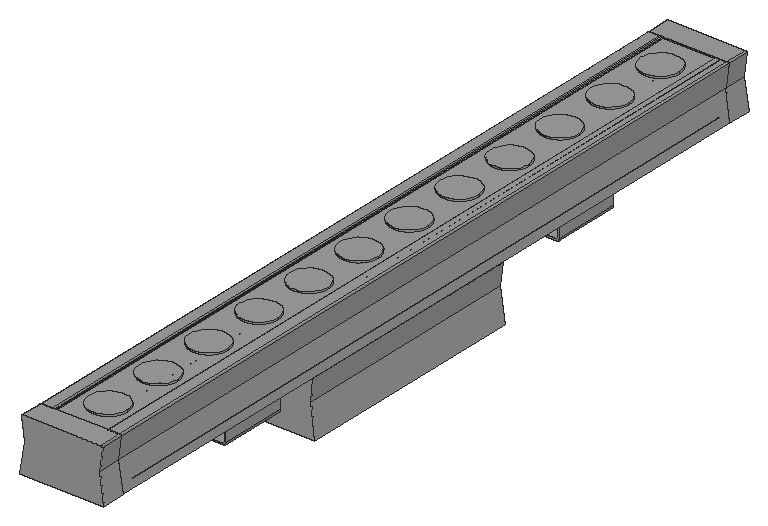
Revit family "SH-1395-40CM", category Lighting Fixtures, Revit 2017
Family settings
  Round Connector Dimension = Use Diameter
  Part Type = Normal
  OmniClass Number = 23.80.70.00
  OmniClass Title = Lighting
  Work Plane-Based = Yes
  Always vertical = No
  Cut with Voids When Loaded = No
  Light Source = No
  Shared = Yes
  Room Calculation Point = No
Parameters (values of type "Sh-1395-12W-40cm(anodized aluminum color-6000K-LED)")
  wattage = 12 W
  instalation = ""
  consumption current = 0.06 A
  color temperature = "6000K"
  color rendering index(CRI) = ""
  Width = 4.2414 cm
  Website = "www.shoaco.com"
  Voltage/Frequency = "230V/50HZ"
  URL = "https://www.shoaco.com/fa/product/%D9%BE%D8%B1%D9%88%DA%98%DA%A9%D8%AA%D9%88%D8%B1-%D9%87%D8%A7/532-%D9%88%D8%A7%D9%84-%D9%88%D8%A7%D8%B4%D8%B1-sh-1395-12LED.html"
  Type medule = "SMD"
  Protection Class = "Class I"
  Model = "SH-1395-40cm"
  Manufacturer = "SHOA"
  Luminaire Vertical Angle [instance] = 0.00°
  Length = 42.3944 cm
  Lamp = "LED"
  IP = "IP65"
  Height = 7.2291 cm
  Flicker = ""
  Default Elevation = 121.92 cm
  Body color = Anodize color
  Body Material = "Aluminum"
  6000K = yes
  3000K = no
  2000K = no
Types (4, lengths in cm): name | color temperature | 6000K | 3000K | 2000K
  (no name) | "6000K" | yes | no | no
  Sh-1395-12W-40cm(anodized aluminum color-3000K-LED) | "3000K" | no | yes | no
  Sh-1395-12W-40cm(anodized aluminum color-2000K-LED) | "2000K" | no | no | yes
  Sh-1395-12W-40cm(anodized aluminum color-6000K-LED) | "6000K" | yes | no | no
Reference planes (cm)
  plane 1 "Light Source Axis (F/B)": y = 0
  plane 2: z = 0
  plane 3 "Light Source Axis (L/R)": x = 0
  plane 4 "Light Source Elevation": z = 137.16
  plane 5: x = 2.972
  plane 6: x = -1.2694
  plane 7: z = 7.2291
Forms (cm)
  Extrusion 1, solid, not visible
    sketch origin (58.7935, 36.7249, 0) x (1, 0, 0) y (0, 1, 0)
      loop
        line (31.2065, 29.2751) -> (-148.7935, 29.2751) -> (-148.7935, -100.7249) -> (31.2065, -100.7249) -> (31.2065, 29.2751)
    from -8 to 0
Dimensions and locks (cm)
  "Width": plane 6 to plane 5
  "Length": nested 2 to nested 2
  "Height": plane 7 to Extrusion 1
  aligned and locked: level to plane 2
  aligned and locked: level to Extrusion 1
Automatic sketch dimensions
  Extrusion 1 sketch curve to plane 3 "Light Source Axis (L/R)" = 90.0 cm
  plane 3 "Light Source Axis (L/R)" to Extrusion 1 sketch curve = 90.0 cm
  plane 1 "Light Source Axis (F/B)" to Extrusion 1 sketch curve = 64.0 cm
  Extrusion 1 sketch curve to plane 1 "Light Source Axis (F/B)" = 66.0 cm
Nested families (cm)
  nested 1: "1395-12w.ies" at (0.582, 28.087, 8.2523) x (0, 0, -1) z (0, 1, 0), visible <- "2000K", type "1395-12w-2000K"
  nested 2: "1395-12w" at (0.8438, 30, 3.4063) x (-1, 0, 0) z (0, 0, 1), Body color <- "Body color", Luminaire Vertical Angle <- "Luminaire Vertical Angle", type "1395-12w"
    with Luminaire Vertical Angle 0.00°, Body color Anodize color
  nested 3: "1395-12w.ies" at (0.582, 24.938, 8.1961) x (0, 0, -1) z (0, 1, 0), visible <- "2000K", type "1395-12w-2000K"
  nested 4: "1395-12w.ies" at (0.582, -8.1503, 8.1965) x (0, 0, -1) z (0, 1, 0), visible <- "2000K", type "1395-12w-2000K"
  nested 5: "1395-12w.ies" at (0.582, -4.9282, 8.2072) x (0, 0, -1) z (0, 1, 0), visible <- "2000K", type "1395-12w-2000K"
  nested 6: "1395-12w.ies" at (0.582, -1.5688, 8.2227) x (0, 0, -1) z (0, 1, 0), visible <- "2000K", type "1395-12w-2000K"
  nested 7: "1395-12w.ies" at (0.582, 1.599, 8.2057) x (0, 0, -1) z (0, 1, 0), visible <- "2000K", type "1395-12w-2000K"
  nested 8: "1395-12w.ies" at (0.582, 4.9584, 8.216) x (0, 0, -1) z (0, 1, 0), visible <- "2000K", type "1395-12w-2000K"
  nested 9: "1395-12w.ies" at (0.582, 8.3377, 8.2104) x (0, 0, -1) z (0, 1, 0), visible <- "2000K", type "1395-12w-2000K"
  nested 10: "1395-12w.ies" at (0.582, 11.5881, 8.2101) x (0, 0, -1) z (0, 1, 0), visible <- "2000K", type "1395-12w-2000K"
  nested 11: "1395-12w.ies" at (0.582, 14.8544, 8.2274) x (0, 0, -1) z (0, 1, 0), visible <- "2000K", type "1395-12w-2000K"
  nested 12: "1395-12w.ies" at (0.582, 18.2075, 8.2314) x (0, 0, -1) z (0, 1, 0), visible <- "2000K", type "1395-12w-2000K"
  nested 13: "1395-12w.ies" at (0.582, 21.534, 8.2531) x (0, 0, -1) z (0, 1, 0), visible <- "2000K", type "1395-12w-2000K"
  nested 14: "1395-12w.ies" at (0.5766, 28.0554, 8.2101) x (0, 0, -1) z (0, 1, 0), visible <- "3000K", type "1395-12w-3000K"
  nested 15: "1395-12w.ies" at (0.5766, 24.9065, 8.1538) x (0, 0, -1) z (0, 1, 0), visible <- "3000K", type "1395-12w-3000K"
  nested 16: "1395-12w.ies" at (0.5766, -8.1818, 8.1543) x (0, 0, -1) z (0, 1, 0), visible <- "3000K", type "1395-12w-3000K"
  nested 17: "1395-12w.ies" at (0.5766, -4.9597, 8.165) x (0, 0, -1) z (0, 1, 0), visible <- "3000K", type "1395-12w-3000K"
  nested 18: "1395-12w.ies" at (0.5766, -1.6003, 8.1805) x (0, 0, -1) z (0, 1, 0), visible <- "3000K", type "1395-12w-3000K"
  nested 19: "1395-12w.ies" at (0.5766, 1.5675, 8.1635) x (0, 0, -1) z (0, 1, 0), visible <- "3000K", type "1395-12w-3000K"
  nested 20: "1395-12w.ies" at (0.5766, 4.9269, 8.1737) x (0, 0, -1) z (0, 1, 0), visible <- "3000K", type "1395-12w-3000K"
  nested 21: "1395-12w.ies" at (0.5766, 8.3062, 8.1682) x (0, 0, -1) z (0, 1, 0), visible <- "3000K", type "1395-12w-3000K"
  nested 22: "1395-12w.ies" at (0.5766, 11.5566, 8.1679) x (0, 0, -1) z (0, 1, 0), visible <- "3000K", type "1395-12w-3000K"
  nested 23: "1395-12w.ies" at (0.5766, 14.8229, 8.1852) x (0, 0, -1) z (0, 1, 0), visible <- "3000K", type "1395-12w-3000K"
  nested 24: "1395-12w.ies" at (0.5766, 18.176, 8.1892) x (0, 0, -1) z (0, 1, 0), visible <- "3000K", type "1395-12w-3000K"
  nested 25: "1395-12w.ies" at (0.5766, 21.5024, 8.2108) x (0, 0, -1) z (0, 1, 0), visible <- "3000K", type "1395-12w-3000K"
  nested 26: "1395-12w.ies" at (0.6035, 28.0017, 8.3671) x (0, 0, -1) z (0, 1, 0), visible <- "6000K", type "1395-12w-6000K"
  nested 27: "1395-12w.ies" at (0.6035, 24.8528, 8.3109) x (0, 0, -1) z (0, 1, 0), visible <- "6000K", type "1395-12w-6000K"
  nested 28: "1395-12w.ies" at (0.6035, -8.2355, 8.3113) x (0, 0, -1) z (0, 1, 0), visible <- "6000K", type "1395-12w-6000K"
  nested 29: "1395-12w.ies" at (0.6035, -5.0134, 8.322) x (0, 0, -1) z (0, 1, 0), visible <- "6000K", type "1395-12w-6000K"
  nested 30: "1395-12w.ies" at (0.6035, -1.654, 8.3375) x (0, 0, -1) z (0, 1, 0), visible <- "6000K", type "1395-12w-6000K"
  nested 31: "1395-12w.ies" at (0.6035, 1.5138, 8.3205) x (0, 0, -1) z (0, 1, 0), visible <- "6000K", type "1395-12w-6000K"
  nested 32: "1395-12w.ies" at (0.6035, 4.8732, 8.3307) x (0, 0, -1) z (0, 1, 0), visible <- "6000K", type "1395-12w-6000K"
  nested 33: "1395-12w.ies" at (0.6035, 8.2525, 8.3252) x (0, 0, -1) z (0, 1, 0), visible <- "6000K", type "1395-12w-6000K"
  nested 34: "1395-12w.ies" at (0.6035, 11.5029, 8.3249) x (0, 0, -1) z (0, 1, 0), visible <- "6000K", type "1395-12w-6000K"
  nested 35: "1395-12w.ies" at (0.6035, 14.7692, 8.3422) x (0, 0, -1) z (0, 1, 0), visible <- "6000K", type "1395-12w-6000K"
  nested 36: "1395-12w.ies" at (0.6035, 18.1223, 8.3462) x (0, 0, -1) z (0, 1, 0), visible <- "6000K", type "1395-12w-6000K"
  nested 37: "1395-12w.ies" at (0.6035, 21.4488, 8.3678) x (0, 0, -1) z (0, 1, 0), visible <- "6000K", type "1395-12w-6000K"
Connectors (cm)
  electrical at (0.83, 8.9077, 1.3116)
    settings: on nested 2, index 1, voltage 230 V, apparent load 0 VA, apparent load phase1 0 VA, apparent load phase2 0 VA, apparent load phase3 0 VA, power factor 1, load classification "Other", number of poles 1, system type 31, power factor state 1, is connector primary yes, connector utility no, sub classification motor no, connector description ""
Definition of nested family "1395-12w"
  Parameters (values of type "Family1")
    Luminaire Vertical Angle [instance] = 0.00°
    Default Elevation = 121.92 cm
    Body color [instance] = none
  Reference planes (cm)
    plane 1 "Center (Front/Back)": y = 0
    plane 2: z = 0
    plane 3 "Center (Left/Right)": x = 0
  Forms (cm)
    Extrusion 1, solid, material <- "Body color"
      sketch origin (-0.0204, 0, 13.3841) x (0, 0, -1) y (1, 0, 0)
        loop
          line (12.4765, 1.9962) -> (12.4765, 2.2323) -> (10.9107, 2.0099) -> (9.7437, 2.1595)
          arc (9.7437, 2.1595) -> (9.6858, 2.1418) -> (9.6609, 2.0866) r 0.0735
          line (9.6609, 2.0866) -> (9.6609, 1.513)
          arc (9.6609, 1.513) -> (9.6764, 1.4756) -> (9.7139, 1.46) r 0.053
          line (9.7139, 1.46) -> (9.8113, 1.46)
          arc (9.8113, 1.46) -> (9.8539, 1.4777) -> (9.8715, 1.5203) r 0.0603
          line (9.8715, 1.5203) -> (9.8715, 1.607) -> (9.7725, 1.6689) -> (9.7868, 1.7588) -> (10.1865, 1.7588) -> (10.5087, 1.7588)
          arc (10.5087, 1.7588) -> (10.5461, 1.7433) -> (10.5615, 1.706) r 0.0528
          line (10.5615, 1.706) -> (10.5615, 1.5388) -> (10.4215, 1.5388) -> (10.4215, 1.4088) -> (11.7815, 1.4088) -> (11.7815, 1.5388) -> (11.9814, 1.5388)
          arc (11.9814, 1.5388) -> (12.0168, 1.5241) -> (12.0315, 1.4887) r 0.0501
          line (12.0315, 1.4887) -> (12.0315, 0.0388) -> (12.0315, -1.4111)
          arc (12.0315, -1.4111) -> (12.0168, -1.4465) -> (11.9814, -1.4612) r 0.0501
          line (11.9814, -1.4612) -> (11.7815, -1.4612) -> (11.7815, -1.3312) -> (10.4215, -1.3312) -> (10.4215, -1.4612) -> (10.5615, -1.4612) -> (10.5615, -1.6284)
          arc (10.5615, -1.6284) -> (10.5461, -1.6657) -> (10.5087, -1.6812) r 0.0528
          line (10.5087, -1.6812) -> (10.1865, -1.6812) -> (9.7868, -1.6812) -> (9.7725, -1.5913) -> (9.8715, -1.5294) -> (9.8715, -1.4427)
          arc (9.8715, -1.4427) -> (9.8539, -1.4001) -> (9.8113, -1.3824) r 0.0603
          line (9.8113, -1.3824) -> (9.7139, -1.3824)
          arc (9.7139, -1.3824) -> (9.6764, -1.398) -> (9.6609, -1.4355) r 0.053
          line (9.6609, -1.4355) -> (9.6609, -2.009)
          arc (9.6609, -2.009) -> (9.6858, -2.0642) -> (9.7437, -2.0819) r 0.0735
          line (9.7437, -2.0819) -> (10.9107, -1.9323) -> (12.4765, -2.1547) -> (12.4765, -1.9186) -> (12.1715, -1.8753) -> (12.1715, -1.776)
          arc (12.1715, -1.776) -> (12.13, -1.7225) -> (12.0678, -1.7493) r 0.0553
          arc (12.0678, -1.7493) -> (11.9466, -1.8033) -> (11.8616, -1.7014) r 0.11
          arc (11.8616, -1.7014) -> (11.9306, -1.5941) -> (12.0546, -1.6241) r 0.11
          arc (12.0546, -1.6241) -> (12.1282, -1.6428) -> (12.1715, -1.5804) r 0.0666
          line (12.1715, -1.5804) -> (12.1715, -1.4395)
          arc (12.1715, -1.4395) -> (12.1886, -1.3983) -> (12.2298, -1.3812) r 0.0583
          line (12.2298, -1.3812) -> (12.319, -1.3812)
          arc (12.319, -1.3812) -> (12.3567, -1.3968) -> (12.3722, -1.4344) r 0.0532
          line (12.3722, -1.4344) -> (12.3722, -1.5588)
          arc (12.3722, -1.5588) -> (12.4233, -1.6099) -> (12.4744, -1.5588) r 0.0511
          line (12.4744, -1.5588) -> (12.4744, -1.2028)
          arc (12.4744, -1.2028) -> (12.4593, -1.1663) -> (12.4229, -1.1512) r 0.0516
          line (12.4229, -1.1512) -> (12.2115, -1.1512)
          arc (12.2115, -1.1512) -> (12.1515, -1.0912) -> (12.2115, -1.0312) r 0.06
          line (12.2115, -1.0312) -> (12.4303, -1.0312)
          arc (12.4303, -1.0312) -> (12.4753, -0.9862) -> (12.4303, -0.9412) r 0.045
          line (12.4303, -0.9412) -> (12.2115, -0.9412)
          arc (12.2115, -0.9412) -> (12.1515, -0.8812) -> (12.2115, -0.8212) r 0.06
          line (12.2115, -0.8212) -> (12.4381, -0.8212)
          arc (12.4381, -0.8212) -> (12.4831, -0.7762) -> (12.4381, -0.7312) r 0.045
          line (12.4381, -0.7312) -> (12.2115, -0.7312)
          arc (12.2115, -0.7312) -> (12.1515, -0.6712) -> (12.2115, -0.6112) r 0.06
          line (12.2115, -0.6112) -> (12.4303, -0.6112)
          arc (12.4303, -0.6112) -> (12.4753, -0.5662) -> (12.4303, -0.5212) r 0.045
          line (12.4303, -0.5212) -> (12.2115, -0.5212)
          arc (12.2115, -0.5212) -> (12.1515, -0.4612) -> (12.2115, -0.4012) r 0.06
          line (12.2115, -0.4012) -> (12.4217, -0.4012)
          arc (12.4217, -0.4012) -> (12.4585, -0.386) -> (12.4737, -0.3492) r 0.052
          line (12.4737, -0.3492) -> (12.4737, 0.0388) -> (12.4737, 0.4268)
          arc (12.4737, 0.4268) -> (12.4585, 0.4636) -> (12.4217, 0.4788) r 0.052
          line (12.4217, 0.4788) -> (12.2115, 0.4788)
          arc (12.2115, 0.4788) -> (12.1515, 0.5388) -> (12.2115, 0.5988) r 0.06
          line (12.2115, 0.5988) -> (12.4381, 0.5988)
          arc (12.4381, 0.5988) -> (12.4831, 0.6438) -> (12.4381, 0.6888) r 0.045
          line (12.4381, 0.6888) -> (12.2115, 0.6888)
          arc (12.2115, 0.6888) -> (12.1515, 0.7488) -> (12.2115, 0.8088) r 0.06
          line (12.2115, 0.8088) -> (12.4303, 0.8088)
          arc (12.4303, 0.8088) -> (12.4753, 0.8538) -> (12.4303, 0.8988) r 0.045
          line (12.4303, 0.8988) -> (12.2115, 0.8988)
          arc (12.2115, 0.8988) -> (12.1515, 0.9588) -> (12.2115, 1.0188) r 0.06
          line (12.2115, 1.0188) -> (12.4381, 1.0188)
          arc (12.4381, 1.0188) -> (12.4831, 1.0638) -> (12.4381, 1.1088) r 0.045
          line (12.4381, 1.1088) -> (12.2115, 1.1088)
          arc (12.2115, 1.1088) -> (12.1515, 1.1688) -> (12.2115, 1.2288) r 0.06
          line (12.2115, 1.2288) -> (12.4229, 1.2288)
          arc (12.4229, 1.2288) -> (12.4593, 1.2439) -> (12.4744, 1.2804) r 0.0516
          line (12.4744, 1.2804) -> (12.4744, 1.6364)
          arc (12.4744, 1.6364) -> (12.4233, 1.6875) -> (12.3722, 1.6364) r 0.0511
          line (12.3722, 1.6364) -> (12.3722, 1.512)
          arc (12.3722, 1.512) -> (12.3567, 1.4744) -> (12.319, 1.4588) r 0.0532
          line (12.319, 1.4588) -> (12.2298, 1.4588)
          arc (12.2298, 1.4588) -> (12.1886, 1.4759) -> (12.1715, 1.5171) r 0.0583
          line (12.1715, 1.5171) -> (12.1715, 1.658)
          arc (12.1715, 1.658) -> (12.1282, 1.7204) -> (12.0546, 1.7017) r 0.0666
          arc (12.0546, 1.7017) -> (11.9306, 1.6717) -> (11.8616, 1.779) r 0.11
          arc (11.8616, 1.779) -> (11.9466, 1.8809) -> (12.0678, 1.8269) r 0.11
          arc (12.0678, 1.8269) -> (12.13, 1.8001) -> (12.1715, 1.8536) r 0.0553
          line (12.1715, 1.8536) -> (12.1715, 1.9529) -> (12.4821, 1.997)
      from -39.9656 to 0
    Extrusion 2, solid, material <- "Body color"
      sketch origin (-0.0204, 0, 13.3841) x (0, 0, -1) y (1, 0, 0)
        loop
          line (10.4215, -1.4612) -> (10.4215, 1.5388) -> (10.3304, 1.5388) -> (10.3304, -1.4612) -> (10.4215, -1.4612)
      from 0 to -39.9656
    Extrusion 3, solid, material <- "Body color"
      sketch origin (-0.0204, 0, 13.3841) x (0, 0, -1) y (1, 0, 0)
        loop
          arc (9.7437, 2.1558) -> (9.6858, 2.138) -> (9.6609, 2.0828) r 0.0735
          line (9.6609, 2.0828) -> (9.6609, -2.0087)
          arc (9.6609, -2.0087) -> (9.6858, -2.0639) -> (9.7437, -2.0817) r 0.0735
          line (9.7437, -2.0817) -> (10.8963, -1.9339) -> (12.4833, -2.1593) -> (12.4833, 2.2277) -> (10.9173, 2.0053) -> (9.7437, 2.1558)
      from 0 to 1.2046
    Extrusion 4, solid, material <- "Body color"
      sketch origin (-0.0204, 0, 13.3841) x (0, 0, -1) y (1, 0, 0)
        loop
          line (9.6609, 2.0866) -> (9.6609, -2.009)
          arc (9.6609, -2.009) -> (9.6858, -2.0642) -> (9.7437, -2.0819) r 0.0735
          line (9.7437, -2.0819) -> (10.9107, -1.9323) -> (12.4833, -2.1557) -> (12.4833, 2.2333) -> (10.9107, 2.0099) -> (9.7437, 2.1595)
          arc (9.7437, 2.1595) -> (9.6858, 2.1418) -> (9.6609, 2.0866) r 0.0735
      from -41.1898 to -39.9656
    Extrusion 5, solid, material <- "Body color"
      sketch origin (-0.0204, 0, 13.3841) x (0, 0, -1) y (1, 0, 0)
        loop
          line (9.7139, 1.46) -> (9.7139, -1.3824) -> (9.8113, -1.3824) -> (9.8113, 1.46) -> (9.7139, 1.46)
      from 0 to -39.9656
    Extrusion 6, solid
      sketch origin (-2.0817, 30.2045, 3.7232) x (1, 0, 0) y (0, 1, 0)
        loop
          circle (2.0475, 8.0119) r 1
      from -0.3052 to 0.0069
    Extrusion 7, solid
      sketch origin (-2.0817, 26.9056, 3.7232) x (1, 0, 0) y (0, 1, 0)
        loop
          circle (2.0475, 8.0119) r 1
      from -0.3052 to 0.0069
    Extrusion 8, solid
      sketch origin (-2.0817, 23.6027, 3.7232) x (1, 0, 0) y (0, 1, 0)
        loop
          circle (2.0475, 8.0119) r 1
      from -0.3052 to 0.0069
    Extrusion 9, solid
      sketch origin (-2.0817, 20.3025, 3.7232) x (1, 0, 0) y (0, 1, 0)
        loop
          circle (2.0475, 8.0119) r 1
      from -0.3052 to 0.0069
    Extrusion 10, solid
      sketch origin (-2.0817, 17.0043, 3.7232) x (1, 0, 0) y (0, 1, 0)
        loop
          circle (2.0475, 8.0119) r 1
      from -0.3052 to 0.0069
    Extrusion 11, solid
      sketch origin (-2.0817, 13.7061, 3.7232) x (1, 0, 0) y (0, 1, 0)
        loop
          circle (2.0475, 8.0119) r 1
      from -0.3052 to 0.0069
    Extrusion 12, solid
      sketch origin (-2.0817, 10.4041, 3.7232) x (1, 0, 0) y (0, 1, 0)
        loop
          circle (2.0475, 8.0119) r 1
      from -0.3052 to 0.0069
    Extrusion 13, solid
      sketch origin (-2.0817, 7.1039, 3.7232) x (1, 0, 0) y (0, 1, 0)
        loop
          circle (2.0475, 8.0119) r 1
      from -0.3052 to 0.0069
    Extrusion 14, solid
      sketch origin (-2.0817, 3.8038, 3.7232) x (1, 0, 0) y (0, 1, 0)
        loop
          circle (2.0475, 8.0119) r 1
      from -0.3052 to 0.0069
    Extrusion 15, solid
      sketch origin (-2.0817, 0.5037, 3.7232) x (1, 0, 0) y (0, 1, 0)
        loop
          circle (2.0475, 8.0119) r 1
      from -0.3052 to 0.0069
    Extrusion 16, solid
      sketch origin (-2.0817, -2.7995, 3.7232) x (1, 0, 0) y (0, 1, 0)
        loop
          circle (2.0475, 8.0119) r 1
      from -0.3052 to 0.0069
    Extrusion 17, solid
      sketch origin (-2.0817, -6.1002, 3.7232) x (1, 0, 0) y (0, 1, 0)
        loop
          circle (2.0475, 8.0119) r 1
      from -0.3052 to 0.0069
    Extrusion 18, solid, material <- "Body color"
      sketch origin (0.0108, 0, 13.0403) x (0, 0, -1) y (1, 0, 0)
        loop
          line (11.9766, -1.5373) -> (11.8966, -1.5373) -> (11.8966, -1.7172)
          arc (11.8966, -1.7172) -> (11.9352, -1.8104) -> (12.0284, -1.849) r 0.1318
          line (12.0284, -1.849) -> (12.9924, -1.849)
          arc (12.9924, -1.849) -> (13.0854, -1.8105) -> (13.1239, -1.7175) r 0.1315
          line (13.1239, -1.7175) -> (13.1239, -0.2396)
          arc (13.1239, -0.2396) -> (13.2737, -0.1536) -> (13.3555, -0.0016) r 0.3148
          arc (13.3555, -0.0016) -> (13.2737, 0.1504) -> (13.1239, 0.2364) r 0.3148
          line (13.1239, 0.2364) -> (13.1239, 1.6752)
          arc (13.1239, 1.6752) -> (13.0854, 1.7682) -> (12.9924, 1.8067) r 0.1315
          line (12.9924, 1.8067) -> (12.0284, 1.8067)
          arc (12.0284, 1.8067) -> (11.9352, 1.7681) -> (11.8966, 1.6749) r 0.1318
          line (11.8966, 1.6749) -> (11.8966, 1.5373) -> (11.9766, 1.5373) -> (11.9766, 1.6749)
          arc (11.9766, 1.6749) -> (11.9918, 1.7115) -> (12.0284, 1.7267) r 0.0518
          line (12.0284, 1.7267) -> (12.9924, 1.7267)
          arc (12.9924, 1.7267) -> (13.0289, 1.7116) -> (13.0439, 1.6752) r 0.0515
          line (13.0439, 1.6752) -> (13.0439, 0.2207)
          arc (13.0439, 0.2207) -> (13.0577, 0.1823) -> (13.0928, 0.1614) r 0.0604
          arc (13.0928, 0.1614) -> (13.2056, 0.105) -> (13.2729, -0.0016) r 0.2348
          arc (13.2729, -0.0016) -> (13.2056, -0.1082) -> (13.0928, -0.1646) r 0.2348
          arc (13.0928, -0.1646) -> (13.0577, -0.1855) -> (13.0439, -0.2239) r 0.0604
          line (13.0439, -0.2239) -> (13.0439, -1.7175)
          arc (13.0439, -1.7175) -> (13.0289, -1.754) -> (12.9924, -1.769) r 0.0515
          line (12.9924, -1.769) -> (12.0284, -1.769)
          arc (12.0284, -1.769) -> (11.9918, -1.7539) -> (11.9766, -1.7172) r 0.0518
          line (11.9766, -1.7172) -> (11.9766, -1.5373)
      from -10.7884 to -7.2801
    Extrusion 19, solid, material <- "Body color"
      sketch origin (0.0108, 0, 13.0403) x (0, 0, -1) y (1, 0, 0)
        loop
          line (11.9766, -1.5373) -> (11.8966, -1.5373) -> (11.8966, -1.7172)
          arc (11.8966, -1.7172) -> (11.9352, -1.8104) -> (12.0284, -1.849) r 0.1318
          line (12.0284, -1.849) -> (12.9947, -1.849)
          arc (12.9947, -1.849) -> (13.0877, -1.8105) -> (13.1262, -1.7175) r 0.1315
          line (13.1262, -1.7175) -> (13.1262, -0.238)
          arc (13.1262, -0.238) -> (13.276, -0.152) -> (13.3578, 0) r 0.3148
          arc (13.3578, 0) -> (13.276, 0.152) -> (13.1262, 0.238) r 0.3148
          line (13.1262, 0.238) -> (13.1262, 1.6752)
          arc (13.1262, 1.6752) -> (13.0877, 1.7682) -> (12.9947, 1.8067) r 0.1315
          line (12.9947, 1.8067) -> (12.0284, 1.8067)
          arc (12.0284, 1.8067) -> (11.9352, 1.7681) -> (11.8966, 1.6749) r 0.1318
          line (11.8966, 1.6749) -> (11.8966, 1.5373) -> (11.9766, 1.5373) -> (11.9766, 1.6749)
          arc (11.9766, 1.6749) -> (11.9918, 1.7115) -> (12.0284, 1.7267) r 0.0518
          line (12.0284, 1.7267) -> (12.9947, 1.7267)
          arc (12.9947, 1.7267) -> (13.0312, 1.7116) -> (13.0462, 1.6752) r 0.0515
          line (13.0462, 1.6752) -> (13.0462, 0.2223)
          arc (13.0462, 0.2223) -> (13.06, 0.1839) -> (13.0951, 0.163) r 0.0604
          arc (13.0951, 0.163) -> (13.2079, 0.1066) -> (13.2752, 0) r 0.2348
          arc (13.2752, 0) -> (13.2079, -0.1066) -> (13.0951, -0.163) r 0.2348
          arc (13.0951, -0.163) -> (13.06, -0.1839) -> (13.0462, -0.2223) r 0.0604
          line (13.0462, -0.2223) -> (13.0462, -1.7175)
          arc (13.0462, -1.7175) -> (13.0312, -1.754) -> (12.9947, -1.769) r 0.0515
          line (12.9947, -1.769) -> (12.0284, -1.769)
          arc (12.0284, -1.769) -> (11.9918, -1.7539) -> (11.9766, -1.7172) r 0.0518
          line (11.9766, -1.7172) -> (11.9766, -1.5373)
      from -32.7269 to -29.1816
    Extrusion 20, solid, not visible
      sketch origin (0, 0, 0) x (1, 0, 0) y (0, 1, 0)
        loop
          line (50, 70.5415) -> (-50, 70.5415) -> (-50, -41.4585) -> (50, -41.4585) -> (50, 70.5415)
      from 0 to -7.867
    Extrusion 21, solid, material <- "Body color"
      sketch origin (0.0108, 0, 12.4153) x (0, 0, -1) y (1, 0, 0)
        loop
          line (11.5049, 2.0516) -> (11.5049, -2.04)
          arc (11.5049, -2.04) -> (11.5299, -2.0952) -> (11.5878, -2.1129) r 0.0735
          line (11.5878, -2.1129) -> (12.7404, -1.9651) -> (14.5099, -2.2165) -> (14.5099, 2.2224) -> (12.7614, 1.974) -> (11.5878, 2.1245)
          arc (11.5878, 2.1245) -> (11.5299, 2.1068) -> (11.5049, 2.0516) r 0.0735
      from -27.3194 to -14.8652
  Lines and regions (cm)
    reference lines
      curve 1: line (12.515, 0, 0) -> (0, 0, 0)
  Dimensions and locks (cm)
    Extrusion 19 to Extrusion 18 sketch curve = 1.4589 cm
    "Luminaire Vertical Angle": angle level to curve 1
    aligned and locked: plane 2 to level
    aligned and locked: plane 2 to curve 1
    aligned and locked: level to Extrusion 20
    aligned and locked: plane 2 to Extrusion 20
  Automatic sketch dimensions
    Extrusion 20 sketch curve to plane 3 "Center (Left/Right)" = 50.0 cm
    plane 3 "Center (Left/Right)" to Extrusion 20 sketch curve = 50.0 cm
    plane 1 "Center (Front/Back)" to Extrusion 20 sketch curve = 41.4585 cm
    Extrusion 20 sketch curve to plane 1 "Center (Front/Back)" = 70.5415 cm
    Extrusion 1 sketch curve to Extrusion 1 sketch curve = 0.0 cm  (x12)
    Extrusion 1 sketch curve to curve 1 = 3.7232 cm
    curve 1 to Extrusion 1 sketch curve = 3.7232 cm
    Extrusion 1 sketch curve to Extrusion 1 sketch curve = 0.053 cm  (x2)
    Extrusion 1 sketch curve to Extrusion 1 sketch curve = 0.0735 cm  (x2)
    Extrusion 1 sketch curve to Extrusion 1 sketch curve = 0.0093 cm  (x2)
    Extrusion 1 sketch curve to Extrusion 1 sketch curve = 0.0587 cm  (x2)
    Extrusion 1 sketch curve to Extrusion 1 sketch curve = 0.0142 cm  (x2)
    Extrusion 1 sketch curve to Extrusion 1 sketch curve = 0.0974 cm  (x2)
    Extrusion 1 sketch curve to Extrusion 1 sketch curve = 0.0603 cm  (x2)
    Extrusion 1 sketch curve to Extrusion 1 sketch curve = 0.315 cm  (x2)
    Extrusion 1 sketch curve to Extrusion 1 sketch curve = 0.235 cm  (x2)
    Extrusion 1 sketch curve to Extrusion 1 sketch curve = 0.0872 cm  (x2)
    Extrusion 1 sketch curve to Extrusion 1 sketch curve = 0.14 cm  (x2)
    Extrusion 1 sketch curve to Extrusion 1 sketch curve = 0.0528 cm
    Extrusion 1 sketch curve to Extrusion 1 sketch curve = 0.3492 cm  (x2)
    curve 1 to Extrusion 1 sketch curve = 1.6026 cm
    Extrusion 1 sketch curve to curve 1 = 1.6026 cm
    Extrusion 1 sketch curve to Extrusion 1 sketch curve = 0.19 cm  (x2)
    Extrusion 1 sketch curve to Extrusion 1 sketch curve = 0.1999 cm  (x2)
    Extrusion 1 sketch curve to Extrusion 1 sketch curve = 0.0501 cm
    Extrusion 1 sketch curve to Extrusion 1 sketch curve = 0.1235 cm  (x2)
    Extrusion 1 sketch curve to Extrusion 1 sketch curve = 0.1447 cm  (x2)
    Extrusion 1 sketch curve to Extrusion 1 sketch curve = 0.0666 cm
    Extrusion 1 sketch curve to Extrusion 1 sketch curve = 0.0553 cm  (x2)
    Extrusion 1 sketch curve to curve 1 = 1.1726 cm  (x2)
    Extrusion 1 sketch curve to Extrusion 1 sketch curve = 0.04 cm
    Extrusion 1 sketch curve to Extrusion 1 sketch curve = 0.0583 cm  (x2)
    Extrusion 1 sketch curve to Extrusion 1 sketch curve = 0.0892 cm  (x2)
    Extrusion 1 sketch curve to Extrusion 1 sketch curve = 0.0532 cm  (x2)
    curve 1 to Extrusion 1 sketch curve = 0.9624 cm  (x2)
    curve 1 to Extrusion 1 sketch curve = 0.9612 cm  (x2)
    Extrusion 1 sketch curve to Extrusion 1 sketch curve = 0.0511 cm  (x2)
    Extrusion 1 sketch curve to Extrusion 1 sketch curve = 0.0086 cm
    Extrusion 1 sketch curve to curve 1 = 0.9538 cm
    curve 1 to Extrusion 1 sketch curve = 0.9538 cm
    Extrusion 1 sketch curve to curve 1 = 0.946 cm
    Extrusion 1 sketch curve to Extrusion 1 sketch curve = 0.0078 cm
    curve 1 to Extrusion 1 sketch curve = 0.946 cm
    curve 1 to Extrusion 1 sketch curve = 0.9104 cm
    curve 1 to Extrusion 1 sketch curve = 0.9076 cm  (x2)
    Extrusion 1 sketch curve to curve 1 = 2.1751 cm
    Extrusion 1 sketch curve to curve 1 = 2.1023 cm
    Extrusion 1 sketch curve to curve 1 = 1.9527 cm
    Extrusion 1 sketch curve to Extrusion 1 sketch curve = 0.236 cm  (x2)
    Extrusion 1 sketch curve to Extrusion 1 sketch curve = 0.0433 cm
    Extrusion 1 sketch curve to Extrusion 1 sketch curve = 0.0993 cm  (x2)
    Extrusion 1 sketch curve to Extrusion 1 sketch curve = 0.0798 cm
    Extrusion 1 sketch curve to Extrusion 1 sketch curve = 0.3278 cm  (x2)
    Extrusion 1 sketch curve to Extrusion 1 sketch curve = 0.0899 cm
    Extrusion 1 sketch curve to Extrusion 1 sketch curve = 0.1956 cm
    Extrusion 1 sketch curve to Extrusion 1 sketch curve = 0.0216 cm
    Extrusion 1 sketch curve to Extrusion 1 sketch curve = 0.0618 cm  (x2)
    Extrusion 1 sketch curve to Extrusion 1 sketch curve = 0.1672 cm  (x2)
    Extrusion 1 sketch curve to Extrusion 1 sketch curve = 0.1192 cm
    Extrusion 1 sketch curve to Extrusion 1 sketch curve = 0.0867 cm  (x2)
    Extrusion 1 sketch curve to Extrusion 1 sketch curve = 0.1409 cm  (x2)
    Extrusion 1 sketch curve to Extrusion 1 sketch curve = 0.13 cm  (x2)
    Extrusion 1 sketch curve to Extrusion 1 sketch curve = 0.1784 cm  (x2)
    Extrusion 1 sketch curve to Extrusion 1 sketch curve = 0.06 cm  (x7)
    Extrusion 1 sketch curve to Extrusion 1 sketch curve = 0.045 cm  (x6)
    Extrusion 1 sketch curve to curve 1 = 0.9016 cm
    Extrusion 1 sketch curve to Extrusion 1 sketch curve = 0.388 cm  (x2)
    Extrusion 1 sketch curve to Extrusion 1 sketch curve = 0.18 cm
    Extrusion 1 sketch curve to Extrusion 1 sketch curve = 0.0512 cm
    Extrusion 1 sketch curve to Extrusion 1 sketch curve = 0.0284 cm
    Extrusion 1 sketch curve to Extrusion 1 sketch curve = 0.1244 cm
    Extrusion 1 sketch curve to Extrusion 1 sketch curve = 0.1158 cm
    Extrusion 1 sketch curve to Extrusion 1 sketch curve = 0.1519 cm
    Extrusion 1 sketch curve to Extrusion 1 sketch curve = 0.3039 cm
    Extrusion 1 sketch curve to Extrusion 1 sketch curve = 0.2794 cm
    Extrusion 1 sketch curve to Extrusion 1 sketch curve = 0.1099 cm  (x2)
    Extrusion 1 sketch curve to Extrusion 1 sketch curve = 0.0056 cm
    Extrusion 2 sketch curve to curve 1 = 3.0537 cm
    Extrusion 2 sketch curve to Extrusion 2 sketch curve = 0.0911 cm
    Extrusion 2 sketch curve to curve 1 = 1.4816 cm
    curve 1 to Extrusion 2 sketch curve = 1.5184 cm
    Extrusion 3 sketch curve to curve 1 = 3.7232 cm
    Extrusion 3 sketch curve to Extrusion 3 sketch curve = 0.0735 cm  (x2)
    Extrusion 3 sketch curve to Extrusion 3 sketch curve = 0.0093 cm  (x2)
    Extrusion 3 sketch curve to curve 1 = 2.4877 cm
    Extrusion 3 sketch curve to Extrusion 3 sketch curve = 1.1736 cm
    curve 1 to Extrusion 3 sketch curve = 0.9008 cm
    Extrusion 3 sketch curve to curve 1 = 2.1797 cm
    Extrusion 3 sketch curve to curve 1 = 2.1021 cm
    Extrusion 3 sketch curve to curve 1 = 1.9543 cm
    curve 1 to Extrusion 3 sketch curve = 1.9849 cm
    Extrusion 3 sketch curve to Extrusion 3 sketch curve = 0.0775 cm
    Extrusion 3 sketch curve to Extrusion 3 sketch curve = 0.2224 cm
    Extrusion 4 sketch curve to curve 1 = 3.7232 cm
    Extrusion 4 sketch curve to Extrusion 4 sketch curve = 0.0735 cm  (x2)
    Extrusion 4 sketch curve to Extrusion 4 sketch curve = 0.0093 cm  (x2)
    Extrusion 4 sketch curve to Extrusion 4 sketch curve = 1.1669 cm
    Extrusion 4 sketch curve to curve 1 = 2.4734 cm
    curve 1 to Extrusion 4 sketch curve = 0.9008 cm
    Extrusion 4 sketch curve to curve 1 = 2.1761 cm
    Extrusion 4 sketch curve to curve 1 = 2.1023 cm
    Extrusion 4 sketch curve to curve 1 = 1.9527 cm
    curve 1 to Extrusion 4 sketch curve = 1.9894 cm
    Extrusion 4 sketch curve to Extrusion 4 sketch curve = 0.0767 cm
    Extrusion 4 sketch curve to Extrusion 4 sketch curve = 0.2234 cm
    Extrusion 5 sketch curve to curve 1 = 3.6702 cm
    Extrusion 5 sketch curve to Extrusion 5 sketch curve = 0.0974 cm
    Extrusion 5 sketch curve to curve 1 = 1.4029 cm
    curve 1 to Extrusion 5 sketch curve = 1.4396 cm
    Extrusion 3 to Extrusion 6 sketch curve = 1.995 cm
    Extrusion 6 sketch curve to Extrusion 3 = 38.2164 cm
    Extrusion 3 to Extrusion 7 sketch curve = 1.995 cm
    Extrusion 7 sketch curve to Extrusion 3 = 34.9175 cm
    Extrusion 3 to Extrusion 8 sketch curve = 1.995 cm
    Extrusion 8 sketch curve to Extrusion 3 = 31.6145 cm
    Extrusion 3 to Extrusion 9 sketch curve = 1.995 cm
    Extrusion 9 sketch curve to Extrusion 3 = 28.3143 cm
    Extrusion 3 to Extrusion 10 sketch curve = 1.995 cm
    Extrusion 10 sketch curve to Extrusion 3 = 25.0162 cm
    Extrusion 3 to Extrusion 11 sketch curve = 1.995 cm
    Extrusion 11 sketch curve to Extrusion 3 = 21.718 cm
    Extrusion 3 to Extrusion 12 sketch curve = 1.995 cm
    Extrusion 12 sketch curve to Extrusion 3 = 18.4159 cm
    Extrusion 3 to Extrusion 13 sketch curve = 1.995 cm
    Extrusion 13 sketch curve to Extrusion 3 = 15.1158 cm
    Extrusion 3 to Extrusion 14 sketch curve = 1.995 cm
    Extrusion 14 sketch curve to Extrusion 3 = 11.8157 cm
    Extrusion 3 to Extrusion 15 sketch curve = 1.995 cm
    Extrusion 15 sketch curve to Extrusion 3 = 8.5155 cm
    Extrusion 3 to Extrusion 16 sketch curve = 1.995 cm
    Extrusion 16 sketch curve to Extrusion 3 = 5.2124 cm
    Extrusion 3 to Extrusion 17 sketch curve = 1.995 cm
    Extrusion 17 sketch curve to Extrusion 3 = 1.9117 cm
    Extrusion 18 sketch curve to Extrusion 18 sketch curve = 0.0 cm  (x14)
    Extrusion 18 sketch curve to Extrusion 18 sketch curve = 0.2316 cm  (x2)
    Extrusion 18 sketch curve to Extrusion 18 sketch curve = 0.0196 cm  (x2)
    Extrusion 18 sketch curve to Extrusion 18 sketch curve = 0.0564 cm
    Extrusion 18 sketch curve to Extrusion 18 sketch curve = 0.0604 cm  (x2)
    Extrusion 18 sketch curve to Extrusion 18 sketch curve = 0.0515 cm  (x2)
    curve 1 to Extrusion 18 sketch curve = 1.0119 cm  (x2)
    Extrusion 18 sketch curve to Extrusion 18 sketch curve = 0.0518 cm  (x2)
    Extrusion 18 sketch curve to curve 1 = 1.8382 cm
    Extrusion 18 sketch curve to Extrusion 18 sketch curve = 0.18 cm
    Extrusion 18 sketch curve to curve 1 = 0.2288 cm
    Extrusion 18 sketch curve to Extrusion 18 sketch curve = 0.0157 cm  (x2)
    Extrusion 18 sketch curve to Extrusion 18 sketch curve = 0.1548 cm
    Extrusion 18 sketch curve to Extrusion 18 sketch curve = 0.135 cm
    Extrusion 18 sketch curve to Extrusion 18 sketch curve = 1.3166 cm
    Extrusion 18 sketch curve to Extrusion 18 sketch curve = 0.1376 cm
    Extrusion 18 sketch curve to Extrusion 18 sketch curve = 0.0826 cm
    Extrusion 19 sketch curve to Extrusion 19 sketch curve = 0.0 cm  (x15)
    curve 1 to Extrusion 19 sketch curve = 1.1437 cm  (x2)
    Extrusion 19 sketch curve to Extrusion 19 sketch curve = 0.08 cm  (x2)
    Extrusion 19 sketch curve to Extrusion 19 sketch curve = 0.0518 cm  (x2)
    curve 1 to Extrusion 19 sketch curve = 0.0456 cm  (x2)
    Extrusion 19 sketch curve to Extrusion 19 sketch curve = 0.0515 cm  (x2)
    Extrusion 19 sketch curve to Extrusion 19 sketch curve = 0.0041 cm
    Extrusion 19 sketch curve to Extrusion 19 sketch curve = 0.0196 cm  (x2)
    Extrusion 19 sketch curve to curve 1 = 1.8382 cm
    Extrusion 19 sketch curve to Extrusion 19 sketch curve = 0.18 cm
    Extrusion 19 sketch curve to curve 1 = 0.2272 cm
    Extrusion 19 sketch curve to Extrusion 19 sketch curve = 0.0157 cm  (x2)
    Extrusion 19 sketch curve to Extrusion 19 sketch curve = 0.1548 cm  (x2)
    Extrusion 19 sketch curve to Extrusion 19 sketch curve = 0.135 cm
    Extrusion 19 sketch curve to Extrusion 19 sketch curve = 1.315 cm
    Extrusion 19 sketch curve to Extrusion 19 sketch curve = 0.1376 cm
    curve 1 to Extrusion 21 sketch curve = 0.9104 cm
    curve 1 to Extrusion 21 sketch curve = 0.8368 cm  (x2)
    curve 1 to Extrusion 21 sketch curve = 0.8275 cm  (x2)
    curve 1 to Extrusion 21 sketch curve = 0.3251 cm
    Extrusion 21 sketch curve to curve 1 = 0.3461 cm
    Extrusion 21 sketch curve to Extrusion 21 sketch curve = 1.7485 cm
    Extrusion 21 sketch curve to curve 1 = 2.2057 cm
    Extrusion 21 sketch curve to curve 1 = 2.1021 cm
    Extrusion 21 sketch curve to curve 1 = 1.9543 cm
    curve 1 to Extrusion 21 sketch curve = 1.9849 cm
    Extrusion 21 sketch curve to Extrusion 21 sketch curve = 0.0775 cm
    Extrusion 21 sketch curve to Extrusion 21 sketch curve = 0.2484 cm
    curve 1 to plane 3 "Center (Left/Right)" = 0.0 cm
    radius of Extrusion 6 sketch curve = 1.0 cm
    radius of Extrusion 7 sketch curve = 1.0 cm
    radius of Extrusion 8 sketch curve = 1.0 cm
    radius of Extrusion 9 sketch curve = 1.0 cm
    radius of Extrusion 10 sketch curve = 1.0 cm
    radius of Extrusion 11 sketch curve = 1.0 cm
    radius of Extrusion 12 sketch curve = 1.0 cm
    radius of Extrusion 13 sketch curve = 1.0 cm
    radius of Extrusion 14 sketch curve = 1.0 cm
    radius of Extrusion 15 sketch curve = 1.0 cm
    radius of Extrusion 16 sketch curve = 1.0 cm
    radius of Extrusion 17 sketch curve = 1.0 cm
Definition of nested family "1395-12w.ies"
  Parameters (values of type "2000K")
    Wattage = 0.78631 W
    built-in parameter 1150110 = 1 (stored number, unit not read)
    built-in parameter 1114217 = 1 (stored number, unit not read)
    Tilt Angle = 90.00°
    built-in parameter 1150109 = 1 (stored number, unit not read)
    built-in parameter 1150134 = (empty or 0)
    built-in parameter 1150113 = 1 (stored number, unit not read)
    Photometric Web File = "SH 1395-40CM.ies"
    Lumens = 116.8 lm
    built-in parameter 1150115 = 1 (stored number, unit not read)
    built-in parameter 1150105 = 571.06 (stored number, unit not read)
    built-in parameter 1150137 = (empty or 0)
    built-in parameter 1150139 = (empty or 0)
    built-in parameter 1150112 = 1 (stored number, unit not read)
    built-in parameter 1150114 = 1 (stored number, unit not read)
    built-in parameter 1150132 = 2
    built-in parameter 1150102 = (empty or 0)
    built-in parameter 1150138 = (empty or 0)
    built-in parameter 1150107 = 2000 (stored number, unit not read)
    built-in parameter 1150106 = 5.7106 (stored number, unit not read)
    built-in parameter 1150104 = 13.8 (stored number, unit not read)
    Dimming Lamp Color Temperature Shift = (empty or 0)
    Default Elevation = 121.92 cm
    Color Filter = 16777215
    built-in parameter 1114218 = 1 (stored number, unit not read)
    built-in parameter 1150133 = 10 (stored number, unit not read)
  Types (4, lengths in cm): name | built-in parameter 1150134 | built-in parameter 1150107
    (no name) | (empty or 0) | 2000 (stored number, unit not read)
    2000K | (empty or 0) | 2000 (stored number, unit not read)
    3000K | (empty or 0) | 3000 (stored number, unit not read)
    6500K | 1 | 6500 (stored number, unit not read)
  Reference planes (cm)
    plane 1 "Light Source Axis (F/B)": y = 0
    plane 2: z = 0
    plane 3 "Light Source Axis (L/R)": x = 0
    plane 4 "Light Source Elevation": z = 0
  Dimensions and locks (cm)
    aligned and locked: plane 1 "Light Source Axis (F/B)" to imposter light
    aligned and locked: level to plane 2
    aligned and locked: plane 4 "Light Source Elevation" to level
